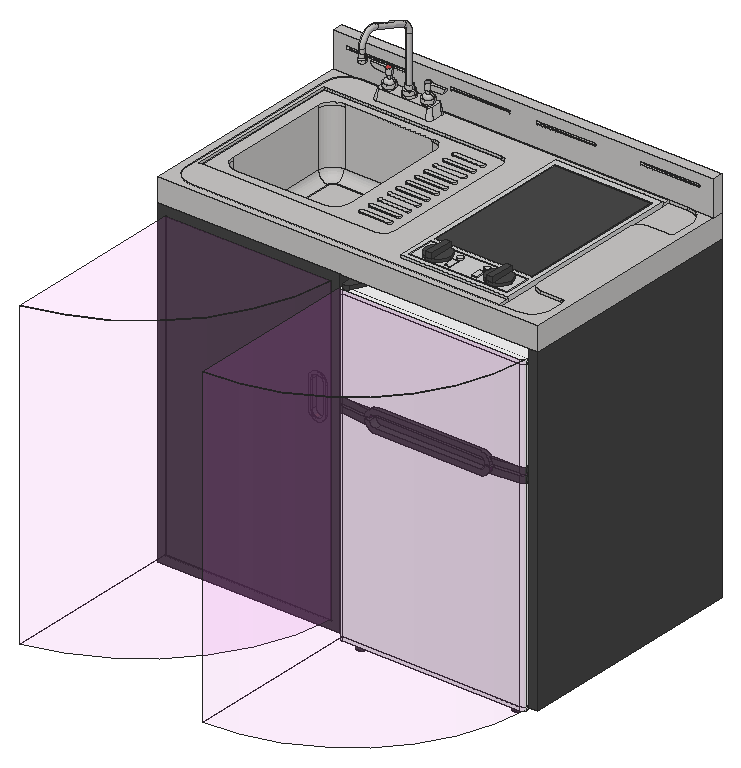
Revit family "QF_Summit_C39ELGLASSBK_Kitchenette", category Specialty Equipment, Revit 2020
Family settings
  Round Connector Dimension = Use Diameter
  Part Type = Normal
  Work Plane-Based = No
  Always vertical = Yes
  Cut with Voids When Loaded = No
  Shared = No
  Room Calculation Point = No
Parameters
  Weight in Pounds = 143
  Watts = Volts * FL Amps  # 1506.5 W
  Volts = 115 V
  URL Cutsheet = ""
  Specification by User = ""
  Specification by Manufacturer = ""
  Show LHD [instance] = yes
  Show Legs [instance] = no
  Show Clearance [instance] = yes
  Serial Number = ""
  Seismic Rating = ""
  SMACNA No = ""
  Revision Code = ""
  Refrigerant Volume = 0.00 kip
  Refrigerant Type = "R600a"
  Phase = 1
  Number of Poles = 1
  NAFEM Spec ID Number = ""
  Model = "C39ELGLASSBK"
  Min Ckt Ampacity = 0 A
  Max Overcurrent Protection = 0 A
  Masterspec = ""
  Manufacturer = "Summit"
  Length = 39"
  Item Number = ""
  Installed By = ""
  Identify Quantity as Lot = yes
  Height = 40"
  HP = ""
  Furnished By = ""
  Foodservice Equipment Identifier = yes
  FL Amps = 13.1 A
  Electrical Remarks = ""
  Electric Connection Type = ""
  Elec Conn RI Height = 0"
  Elec Conn Connection Height = 0"
  Description = "Kichenette"
  Depth = 23 5/8"
  Default Elevation = 0"
  Cycle = 60 Hz
  Conn Plug = ""
  Conn Conduit = yes
  CSI MasterFormat = ""
  BTUH = 0.0 Btu/h
  Apparent Power = if(Phase = 3, Volts * FL Amps * 1.73, Volts * FL Amps)  # 1506.5 VA
Reference planes (in)
  plane 1 "BACK": y = 0
  plane 2: z = 0
  plane 3 "LEFT": x = 0
  plane 4 "RIGHT": x = 39
  plane 5 "FRONT": y = -23.625
  plane 6 "TOP": z = 40
  plane 7 "Center Y": x = 19.5
  plane 8 "Center X": y = -11.8125
  plane 9: z = 36.375
  plane 10: z = 34
  plane 11: z = 1
  plane 12: z = 21
  plane 13: z = 45.875
  plane 14: y = -1
  plane 15: y = -41.875
  plane 16: z = 36.125
  plane 17: y = -42.375
  plane 18: x = 18.75
  plane 19: x = 38.125
  plane 20: x = 24.93965
  plane 21: x = 32.20982
Forms (in)
  Extrusion 1, solid, material "QF_Finishes_Stainless Steel"
    sketch origin (-11.06091, -180, 36.375) x (-1, 0, 0) y (0, -1, 0)
      loop
        line (-11.06091, -180) -> (-11.06091, -156.375) -> (-50.06091, -156.375) -> (-50.06091, -180) -> (-11.06091, -180)
      loop
        line (-11.81091, -177) -> (-11.81091, -159.125)
        arc (-11.81091, -159.125) -> (-12.3967, -157.71079) -> (-13.81091, -157.125) r 2
        line (-13.81091, -157.125) -> (-47.31091, -157.125)
        arc (-47.31091, -157.125) -> (-48.72512, -157.71079) -> (-49.31091, -159.125) r 2
        line (-49.31091, -159.125) -> (-49.31091, -177)
        arc (-49.31091, -177) -> (-48.72512, -178.41421) -> (-47.31091, -179) r 2
        line (-47.31091, -179) -> (-13.81091, -179)
        arc (-13.81091, -179) -> (-12.3967, -178.41421) -> (-11.81091, -177) r 2
    from 0 to -2.375
  Extrusion 2, solid, material "QF_Finishes_Stainless Steel"
    sketch origin (-2.35752, -180, 36.125) x (-1, 0, 0) y (0, -1, 0)
      loop
        line (-3.56275, -176.20889) -> (-3.56275, -160.20889) -> (-21.68775, -160.20889)
        arc (-21.68775, -160.20889) -> (-22.39485, -160.50178) -> (-22.68775, -161.20889) r 1
        line (-22.68775, -161.20889) -> (-22.68775, -175.20889)
        arc (-22.68775, -175.20889) -> (-22.39485, -175.916) -> (-21.68775, -176.20889) r 1
        line (-21.68775, -176.20889) -> (-3.56275, -176.20889)
      loop
        arc (-15.34109, -161.375) -> (-16.40175, -161.81434) -> (-16.84109, -162.875) r 1.5
        line (-16.84109, -162.875) -> (-16.84109, -173.875)
        arc (-16.84109, -173.875) -> (-16.40175, -174.93566) -> (-15.34109, -175.375) r 1.5
        line (-15.34109, -175.375) -> (-6.34109, -175.375)
        arc (-6.34109, -175.375) -> (-5.28043, -174.93566) -> (-4.84109, -173.875) r 1.5
        line (-4.84109, -173.875) -> (-4.84109, -162.875)
        arc (-4.84109, -162.875) -> (-5.28043, -161.81434) -> (-6.34109, -161.375) r 1.5
        line (-6.34109, -161.375) -> (-15.34109, -161.375)
    from 0 to -0.25
  Extrusion 3, solid
    sketch origin (-2.35752, -178, 36.125) x (-1, 0, 0) y (0, -1, 0)
      loop
        line (-21.68775, -174.20889) -> (-3.56275, -174.20889) -> (-3.56275, -158.20889) -> (-21.68775, -158.20889)
        arc (-21.68775, -158.20889) -> (-22.39485, -158.50178) -> (-22.68775, -159.20889) r 1
        line (-22.68775, -159.20889) -> (-22.68775, -173.20889)
        arc (-22.68775, -173.20889) -> (-22.39485, -173.916) -> (-21.68775, -174.20889) r 1
      loop
        line (-3.10752, -175) -> (-3.10752, -157.125)
        arc (-3.10752, -157.125) -> (-3.69331, -155.71079) -> (-5.10752, -155.125) r 2
        line (-5.10752, -155.125) -> (-38.60752, -155.125)
        arc (-38.60752, -155.125) -> (-40.02174, -155.71079) -> (-40.60752, -157.125) r 2
        line (-40.60752, -157.125) -> (-40.60752, -175)
        arc (-40.60752, -175) -> (-40.02174, -176.41421) -> (-38.60752, -177) r 2
        line (-38.60752, -177) -> (-5.10752, -177)
        arc (-5.10752, -177) -> (-3.69331, -176.41421) -> (-3.10752, -175) r 2
    from 0 to -0.25
  Extrusion 4, solid, material "QF_Finishes_Stainless Steel"
    sketch origin (-4.23252, -180, 36.125) x (-1, 0, 0) y (0, -1, 0)
      loop
        arc (-20.27666, -174.67909) -> (-20.06215, -174.46458) -> (-20.27666, -174.25006) r 0.21452
        line (-20.27666, -174.25006) -> (-23.1341, -174.25006)
        arc (-23.1341, -174.25006) -> (-23.34861, -174.46458) -> (-23.1341, -174.67909) r 0.21452
        line (-23.1341, -174.67909) -> (-20.27666, -174.67909)
      loop
        arc (-20.27666, -173.42909) -> (-20.06215, -173.21458) -> (-20.27666, -173.00006) r 0.21452
        line (-20.27666, -173.00006) -> (-23.1341, -173.00006)
        arc (-23.1341, -173.00006) -> (-23.34861, -173.21458) -> (-23.1341, -173.42909) r 0.21452
        line (-23.1341, -173.42909) -> (-20.27666, -173.42909)
      loop
        arc (-20.27666, -172.24159) -> (-20.06215, -172.02708) -> (-20.27666, -171.81256) r 0.21452
        line (-20.27666, -171.81256) -> (-23.1341, -171.81256)
        arc (-23.1341, -171.81256) -> (-23.34861, -172.02708) -> (-23.1341, -172.24159) r 0.21452
        line (-23.1341, -172.24159) -> (-20.27666, -172.24159)
      loop
        arc (-20.27666, -171.05409) -> (-20.06215, -170.83958) -> (-20.27666, -170.62506) r 0.21452
        line (-20.27666, -170.62506) -> (-23.1341, -170.62506)
        arc (-23.1341, -170.62506) -> (-23.34861, -170.83958) -> (-23.1341, -171.05409) r 0.21452
        line (-23.1341, -171.05409) -> (-20.27666, -171.05409)
      loop
        arc (-20.27666, -169.86659) -> (-20.06215, -169.65208) -> (-20.27666, -169.43756) r 0.21452
        line (-20.27666, -169.43756) -> (-23.1341, -169.43756)
        arc (-23.1341, -169.43756) -> (-23.34861, -169.65208) -> (-23.1341, -169.86659) r 0.21452
        line (-23.1341, -169.86659) -> (-20.27666, -169.86659)
      loop
        arc (-20.27666, -168.74159) -> (-20.06215, -168.52708) -> (-20.27666, -168.31256) r 0.21452
        line (-20.27666, -168.31256) -> (-23.1341, -168.31256)
        arc (-23.1341, -168.31256) -> (-23.34861, -168.52708) -> (-23.1341, -168.74159) r 0.21452
        line (-23.1341, -168.74159) -> (-20.27666, -168.74159)
      loop
        arc (-20.27666, -167.49159) -> (-20.06215, -167.27708) -> (-20.27666, -167.06256) r 0.21452
        line (-20.27666, -167.06256) -> (-23.1341, -167.06256)
        arc (-23.1341, -167.06256) -> (-23.34861, -167.27708) -> (-23.1341, -167.49159) r 0.21452
        line (-23.1341, -167.49159) -> (-20.27666, -167.49159)
      loop
        arc (-20.27666, -166.36659) -> (-20.06215, -166.15208) -> (-20.27666, -165.93756) r 0.21452
        line (-20.27666, -165.93756) -> (-23.1341, -165.93756)
        arc (-23.1341, -165.93756) -> (-23.34861, -166.15208) -> (-23.1341, -166.36659) r 0.21452
        line (-23.1341, -166.36659) -> (-20.27666, -166.36659)
      loop
        arc (-20.27666, -165.11659) -> (-20.06215, -164.90208) -> (-20.27666, -164.68756) r 0.21452
        line (-20.27666, -164.68756) -> (-23.1341, -164.68756)
        arc (-23.1341, -164.68756) -> (-23.34861, -164.90208) -> (-23.1341, -165.11659) r 0.21452
        line (-23.1341, -165.11659) -> (-20.27666, -165.11659)
      loop
        arc (-20.27666, -163.92909) -> (-20.06215, -163.71458) -> (-20.27666, -163.50006) r 0.21452
        line (-20.27666, -163.50006) -> (-23.1341, -163.50006)
        arc (-23.1341, -163.50006) -> (-23.34861, -163.71458) -> (-23.1341, -163.92909) r 0.21452
        line (-23.1341, -163.92909) -> (-20.27666, -163.92909)
      loop
        arc (-20.27666, -162.74159) -> (-20.06215, -162.52708) -> (-20.27666, -162.31256) r 0.21452
        line (-20.27666, -162.31256) -> (-23.1341, -162.31256)
        arc (-23.1341, -162.31256) -> (-23.34861, -162.52708) -> (-23.1341, -162.74159) r 0.21452
        line (-23.1341, -162.74159) -> (-20.27666, -162.74159)
    from 0 to 0.0625
  Extrusion 5, solid, material "QF_Metal - Stainless - Polished"
    sketch origin (3.64248, -180, 36.125) x (-1, 0, 0) y (0, -1, 0)
      loop
        line (-19.76922, -178.13842) -> (-19.76922, -158.27212) -> (-30.76922, -158.27212) -> (-30.76922, -178.13842) -> (-19.76922, -178.13842)
      loop
        line (-20.26922, -177.38842) -> (-20.26922, -162.02212) -> (-30.26922, -162.02212) -> (-30.26922, -177.38842) -> (-20.26922, -177.38842)
      loop
        line (-20.26922, -158.77212) -> (-30.26922, -158.77212) -> (-30.26922, -161.52212) -> (-20.26922, -161.52212) -> (-20.26922, -158.77212)
    from 0 to 0.5
  Extrusion 6, solid, material "QF_Metal - Stainless - Polished"
    sketch origin (3.64248, -180, 36.625) x (-1, 0, 0) y (0, -1, 0)
      loop
        line (-20.26922, -158.77212) -> (-30.26922, -158.77212) -> (-30.26922, -161.52212) -> (-20.26922, -161.52212) -> (-20.26922, -158.77212)
    from -0.25 to 0
  Extrusion 7, solid, material "QF_Plastic_Black_Smooth"
    sketch origin (3.64248, -180, 36.625) x (-1, 0, 0) y (0, -1, 0)
      loop
        circle (-22.13141, -160.14712) r 1.25
      loop
        circle (-28.40702, -160.14712) r 1.25
    from 0 to 0.25
  Extrusion 8, solid, material "QF_Plastic_Black_Smooth"
    sketch origin (3.64248, -180, 36.875) x (-1, 0, 0) y (0, -1, 0)
      loop
        line (-21.85016, -161.36507) -> (-21.85016, -158.92917)
        arc (-21.85016, -158.92917) -> (-22.13141, -158.89712) -> (-22.41266, -158.92917) r 1.25
        line (-22.41266, -158.92917) -> (-22.41266, -161.36507)
        arc (-22.41266, -161.36507) -> (-22.13141, -161.39712) -> (-21.85016, -161.36507) r 1.25
      loop
        line (-28.12577, -161.36507) -> (-28.12577, -158.92917)
        arc (-28.12577, -158.92917) -> (-28.40702, -158.89712) -> (-28.68827, -158.92917) r 1.25
        line (-28.68827, -158.92917) -> (-28.68827, -161.36507)
        arc (-28.68827, -161.36507) -> (-28.40702, -161.39712) -> (-28.12577, -161.36507) r 1.25
    from 0 to 0.5
  Extrusion 9, solid, material "QF_Metal - Stainless - Polished"
    sketch origin (4.39248, -180, 36.625) x (-1, 0, 0) y (0, -1, 0)
      loop
        line (-22.85535, -160.19685) -> (-22.85535, -159.12569) -> (-23.41848, -159.12569) -> (-23.41848, -160.19685) -> (-22.85535, -160.19685)
      loop
        circle (-23.13691, -160.79606) r 0.28156
      loop
        line (-26.18308, -160.19685) -> (-25.61996, -160.19685) -> (-25.61996, -159.12569) -> (-26.18308, -159.12569) -> (-26.18308, -160.19685)
      loop
        circle (-25.90152, -160.79606) r 0.28156
    from 0 to 0.0625
  Extrusion 10, solid, material "QF_Plastic_Black_Smooth"
    sketch origin (3.64248, -178, 36.125) x (-1, 0, 0) y (0, -1, 0)
      loop
        line (-20.26922, -175.38842) -> (-20.26922, -160.02212) -> (-30.26922, -160.02212) -> (-30.26922, -175.38842) -> (-20.26922, -175.38842)
    from 0 to 0.5
  Extrusion 11, solid, material "QF_Finishes_Stainless Steel"
    sketch origin (-11.06091, -180, 36.375) x (-1, 0, 0) y (0, -1, 0)
      loop
        line (-11.06091, -180) -> (-11.06091, -179) -> (-50.06091, -179) -> (-50.06091, -180) -> (-11.06091, -180)
    from 0 to 3.625
  Sweep 12, solid, material "QF_Finishes_Stainless Steel"
    path origin (0, 0, 0) x (1, 0, 0) y (0, 1, 0)
      loop
        arc (2.48357, -17.125) -> (2.92291, -18.18566) -> (3.98357, -18.625) r 1.5
        line (3.98357, -18.625) -> (12.98357, -18.625)
        arc (12.98357, -18.625) -> (14.04423, -18.18566) -> (14.48357, -17.125) r 1.5
        line (14.48357, -17.125) -> (14.48357, -6.125)
        arc (14.48357, -6.125) -> (14.04423, -5.06434) -> (12.98357, -4.625) r 1.5
        line (12.98357, -4.625) -> (3.98357, -4.625)
        arc (3.98357, -4.625) -> (2.92291, -5.06434) -> (2.48357, -6.125) r 1.5
        line (2.48357, -6.125) -> (2.48357, -17.125)
    profile origin (2.48357, -11.625, 0) x (-1, 0, 0) y (0, 0, 1)
      loop
        line (0, 35.875) -> (0, 30.1875)
        arc (0, 30.1875) -> (-0.29289, 29.48039) -> (-1, 29.1875) r 1
        line (-1, 29.1875) -> (-1, 29.125)
        arc (-1, 29.125) -> (-0.2487, 29.4362) -> (0.0625, 30.1875) r 1.0625
        line (0.0625, 30.1875) -> (0.0625, 35.875) -> (0, 35.875)
  Extrusion 13, void
    sketch origin (39, -1, 36.375) x (-1, 0, 0) y (0, 0, -1)
      loop
        line (12.15943, -2.58077) -> (18.02659, -2.58077)
        arc (18.02659, -2.58077) -> (18.19846, -2.4089) -> (18.02659, -2.23702) r 0.17188
        line (18.02659, -2.23702) -> (12.15943, -2.23702)
        arc (12.15943, -2.23702) -> (11.98755, -2.4089) -> (12.15943, -2.58077) r 0.17188
      loop
        arc (7.34057, -2.58077) -> (7.51245, -2.4089) -> (7.34057, -2.23702) r 0.17188
        line (7.34057, -2.23702) -> (1.47341, -2.23702)
        arc (1.47341, -2.23702) -> (1.30154, -2.4089) -> (1.47341, -2.58077) r 0.17188
        line (1.47341, -2.58077) -> (7.34057, -2.58077)
      loop
        arc (26.84057, -2.58077) -> (27.01245, -2.4089) -> (26.84057, -2.23702) r 0.17188
        line (26.84057, -2.23702) -> (20.97341, -2.23702)
        arc (20.97341, -2.23702) -> (20.80154, -2.4089) -> (20.97341, -2.58077) r 0.17188
        line (20.97341, -2.58077) -> (26.84057, -2.58077)
      loop
        line (31.65943, -2.58077) -> (37.52659, -2.58077)
        arc (37.52659, -2.58077) -> (37.69846, -2.4089) -> (37.52659, -2.23702) r 0.17188
        line (37.52659, -2.23702) -> (31.65943, -2.23702)
        arc (31.65943, -2.23702) -> (31.48755, -2.4089) -> (31.65943, -2.58077) r 0.17188
    from 0.25 to -0.25
  Extrusion 14, solid, material "QF_Metallic_Paint_Black_Glossy"
    sketch origin (-11.06091, -180, 1) x (-1, 0, 0) y (0, -1, 0)
      loop
        line (-11.06091, -180) -> (-11.06091, -156.375) -> (-11.93591, -156.375) -> (-11.93591, -179.125) -> (-49.18591, -179.125) -> (-49.18591, -156.375) -> (-50.06091, -156.375) -> (-50.06091, -180) -> (-11.06091, -180)
    from 0 to 33
  Extrusion 15, solid, material "QF_Metallic_Paint_Black_Glossy"
    sketch origin (0.875, -23.625, 1) x (-1, 0, 0) y (0, 0, -1)
      loop
        line (0, -33) -> (0, -32.125) -> (-17, -32.125) -> (-17, 0) -> (-17.875, 0) -> (-17.875, -33) -> (0, -33)
    from 0 to -1
  Extrusion 16, solid, material "QF_Metallic_Paint_Black_Glossy"
    sketch origin (0.875, -0.875, 1) x (1, 0, 0) y (0, 0, 1)
      loop
        line (0, 0) -> (17.875, 0) -> (17.875, 0.875) -> (0, 0.875) -> (0, 0)
    from 0 to 22.75
  Extrusion 17, solid, material "QF_Metallic_Paint_Black_Glossy"
    sketch origin (0.875, -23.625, 1) x (-1, 0, 0) y (0, 0, -1)
      loop
        line (-0.0625, -0.9375) -> (-16.9375, -0.9375) -> (-16.9375, -32.0625) -> (-0.0625, -32.0625) -> (-0.0625, -0.9375)
    from 0 to -1
  Extrusion 18, void
    sketch origin (9.9375, -23.625, 1) x (-1, 0, 0) y (0, 0, -1)
      loop
        arc (-5.85467, -19.63139) -> (-6.51553, -18.97053) -> (-7.17639, -19.63139) r 0.66086
        line (-7.17639, -19.63139) -> (-7.17639, -22.3786)
        arc (-7.17639, -22.3786) -> (-6.51553, -23.03946) -> (-5.85467, -22.3786) r 0.66086
        line (-5.85467, -22.3786) -> (-5.85467, -19.63139)
    from 0.5 to -0.5009
  Extrusion 19, solid, material "QF_Metallic_Paint_Black_Glossy"
    sketch origin (9.9375, -23.625, 1) x (-1, 0, 0) y (0, 0, -1)
      loop
        arc (-7.17639, -22.3786) -> (-6.51553, -23.03946) -> (-5.85467, -22.3786) r 0.66086
        line (-5.85467, -22.3786) -> (-5.85467, -19.63139)
        arc (-5.85467, -19.63139) -> (-6.51553, -18.97053) -> (-7.17639, -19.63139) r 0.66086
        line (-7.17639, -19.63139) -> (-7.17639, -22.3786)
      loop
        arc (-7.42639, -22.3786) -> (-6.51553, -23.28946) -> (-5.60467, -22.3786) r 0.91086
        line (-5.60467, -22.3786) -> (-5.60467, -19.63139)
        arc (-5.60467, -19.63139) -> (-6.51553, -18.72053) -> (-7.42639, -19.63139) r 0.91086
        line (-7.42639, -19.63139) -> (-7.42639, -22.3786)
    from 0 to 0.0625
  Extrusion 20, solid
    sketch origin (24.20885, -1.86158, 36.125) x (1, 0, 0) y (0, 0, -1)
      loop
        circle (8.00097, -0.23911) r 0.125
    from 0 to 0.25
  Extrusion 21, solid
    sketch origin (-7.54108, 0, 36.375) x (1, 0, 0) y (0, 0, -1)
      loop
        circle (32.48073, 33.21044) r 0.125
    from 0 to 0.25
  Extrusion 22, solid, material "QF_Clearances_Door_Drawer", visible <- "Show Clearance"
    sketch origin (8.8125, -23.625, 1.9375) x (0, 1, 0) y (1, 0, 0)
      loop
        line (0, -7.9375) -> (0, 9.0625)
        arc (0, 9.0625) -> (-12.31417, 3.80423) -> (-18.75, -7.9375) r 20.48639
        line (-18.75, -7.9375) -> (0, -7.9375)
    from 0 to -31.125
  Extrusion 23, solid, material "QF_Finishes_Stainless Steel"
    sketch origin (-2.35752, -178, 36.125) x (-1, 0, 0) y (0, -1, 0)
      loop
        arc (-5.10752, -177) -> (-3.69331, -176.41421) -> (-3.10752, -175) r 2
        line (-3.10752, -175) -> (-3.10752, -157.125)
        arc (-3.10752, -157.125) -> (-3.69331, -155.71079) -> (-5.10752, -155.125) r 2
        line (-5.10752, -155.125) -> (-36.76922, -155.125) -> (-36.76922, -156.27212) -> (-25.76922, -156.27212) -> (-25.76922, -176.13842) -> (-36.76922, -176.13842) -> (-36.76922, -177) -> (-5.10752, -177)
      loop
        line (-3.56275, -174.20889) -> (-3.56275, -158.20889) -> (-21.68775, -158.20889)
        arc (-21.68775, -158.20889) -> (-22.39485, -158.50178) -> (-22.68775, -159.20889) r 1
        line (-22.68775, -159.20889) -> (-22.68775, -173.20889)
        arc (-22.68775, -173.20889) -> (-22.39485, -173.916) -> (-21.68775, -174.20889) r 1
        line (-21.68775, -174.20889) -> (-3.56275, -174.20889)
    from 0 to 0.25
  Extrusion 24, solid, material "QF_Finishes_Stainless Steel"
    sketch origin (-10.31091, -180, 29.9375) x (0, -1, 0) y (-1, 0, 0)
      loop
        arc (-174.375, -23.29448) -> (-174.22855, -23.64804) -> (-173.875, -23.79448) r 0.5
        line (-173.875, -23.79448) -> (-162.875, -23.79448)
        arc (-162.875, -23.79448) -> (-162.52145, -23.64804) -> (-162.375, -23.29448) r 0.5
        line (-162.375, -23.29448) -> (-162.375, -14.29448)
        arc (-162.375, -14.29448) -> (-162.52145, -13.94093) -> (-162.875, -13.79448) r 0.5
        line (-162.875, -13.79448) -> (-173.875, -13.79448)
        arc (-173.875, -13.79448) -> (-174.22855, -13.94093) -> (-174.375, -14.29448) r 0.5
        line (-174.375, -14.29448) -> (-174.375, -23.29448)
      loop
        circle (-168.5, -18.79448) r 1
    from 0.8125 to 0.75
  Extrusion 25, solid, material "QF_Metal - Stainless - Polished", not visible
    sketch origin (-2.35752, -180, 36.125) x (-1, 0, 0) y (0, -1, 0)
      loop
        line (-19.76922, -178.13842) -> (-19.76922, -158.27212) -> (-30.76922, -158.27212) -> (-30.76922, -178.13842) -> (-19.76922, -178.13842)
      loop
        line (-20.26922, -177.38842) -> (-20.26922, -162.02212) -> (-30.26922, -162.02212) -> (-30.26922, -177.38842) -> (-20.26922, -177.38842)
      loop
        line (-20.26922, -158.77212) -> (-30.26922, -158.77212) -> (-30.26922, -161.52212) -> (-20.26922, -161.52212) -> (-20.26922, -158.77212)
    from 0 to 0.5
  Extrusion 26, solid, material "QF_Metal - Stainless - Polished", not visible
    sketch origin (-2.35752, -180, 36.625) x (-1, 0, 0) y (0, -1, 0)
      loop
        line (-20.26922, -158.77212) -> (-30.26922, -158.77212) -> (-30.26922, -161.52212) -> (-20.26922, -161.52212) -> (-20.26922, -158.77212)
    from -0.25 to 0
  Extrusion 27, solid, material "QF_Plastic_Black_Smooth", not visible
    sketch origin (-2.35752, -180, 36.625) x (-1, 0, 0) y (0, -1, 0)
      loop
        circle (-22.13141, -160.14712) r 1.25
      loop
        circle (-28.40702, -160.14712) r 1.25
    from 0 to 0.25
  Extrusion 28, solid, material "QF_Plastic_Black_Smooth", not visible
    sketch origin (-2.35752, -180, 36.875) x (-1, 0, 0) y (0, -1, 0)
      loop
        line (-21.85016, -161.36507) -> (-21.85016, -158.92917)
        arc (-21.85016, -158.92917) -> (-22.13141, -158.89712) -> (-22.41266, -158.92917) r 1.25
        line (-22.41266, -158.92917) -> (-22.41266, -161.36507)
        arc (-22.41266, -161.36507) -> (-22.13141, -161.39712) -> (-21.85016, -161.36507) r 1.25
      loop
        line (-28.12577, -161.36507) -> (-28.12577, -158.92917)
        arc (-28.12577, -158.92917) -> (-28.40702, -158.89712) -> (-28.68827, -158.92917) r 1.25
        line (-28.68827, -158.92917) -> (-28.68827, -161.36507)
        arc (-28.68827, -161.36507) -> (-28.40702, -161.39712) -> (-28.12577, -161.36507) r 1.25
    from 0 to 0.5
  Extrusion 29, solid, material "QF_Metal - Stainless - Polished", not visible
    sketch origin (-1.60752, -180, 36.625) x (-1, 0, 0) y (0, -1, 0)
      loop
        line (-22.85535, -160.19685) -> (-22.85535, -159.12569) -> (-23.41848, -159.12569) -> (-23.41848, -160.19685) -> (-22.85535, -160.19685)
      loop
        circle (-23.13691, -160.79606) r 0.28156
      loop
        line (-26.18308, -160.19685) -> (-25.61996, -160.19685) -> (-25.61996, -159.12569) -> (-26.18308, -159.12569) -> (-26.18308, -160.19685)
      loop
        circle (-25.90152, -160.79606) r 0.28156
    from 0 to 0.0625
  Extrusion 30, solid, material "QF_Plastic_Black_Smooth", not visible
    sketch origin (-2.35752, -178, 36.125) x (-1, 0, 0) y (0, -1, 0)
      loop
        line (-20.26922, -175.38842) -> (-20.26922, -160.02212) -> (-30.26922, -160.02212) -> (-30.26922, -175.38842) -> (-20.26922, -175.38842)
    from 0 to 0.5
  Extrusion 31, solid, material "QF_Finishes_Stainless Steel"
    sketch origin (0.64248, -178, 36.125) x (-1, 0, 0) y (0, -1, 0)
      loop
        arc (-34.01922, -159.97158) -> (-34.31211, -159.26447) -> (-35.01922, -158.97158) r 1
        line (-35.01922, -158.97158) -> (-37.10752, -158.97158)
        arc (-37.10752, -158.97158) -> (-37.46108, -158.82513) -> (-37.60752, -158.47158) r 0.5
        line (-37.60752, -158.47158) -> (-37.60752, -173.09653)
        arc (-37.60752, -173.09653) -> (-37.46108, -172.74298) -> (-37.10752, -172.59653) r 0.5
        line (-37.10752, -172.59653) -> (-35.01922, -172.59653)
        arc (-35.01922, -172.59653) -> (-34.31211, -172.30364) -> (-34.01922, -171.59653) r 1
        line (-34.01922, -171.59653) -> (-34.01922, -159.97158)
    from 0 to 0.25
  Extrusion 32, solid, material "QF_Finishes_Stainless Steel"
    sketch origin (-0.60752, -180, 36.125) x (-1, 0, 0) y (0, -1, 0)
      loop
        line (-35.01922, -157.125) -> (-36.85752, -157.125)
        arc (-36.85752, -157.125) -> (-38.27174, -157.71079) -> (-38.85752, -159.125) r 2
        line (-38.85752, -159.125) -> (-38.85752, -160.47158)
        arc (-38.85752, -160.47158) -> (-38.71108, -160.82513) -> (-38.35752, -160.97158) r 0.5
        line (-38.35752, -160.97158) -> (-36.26922, -160.97158)
        arc (-36.26922, -160.97158) -> (-35.56211, -161.26447) -> (-35.26922, -161.97158) r 1
        line (-35.26922, -161.97158) -> (-35.26922, -173.59653)
        arc (-35.26922, -173.59653) -> (-35.56211, -174.30364) -> (-36.26922, -174.59653) r 1
        line (-36.26922, -174.59653) -> (-38.35752, -174.59653)
        arc (-38.35752, -174.59653) -> (-38.71108, -174.74298) -> (-38.85752, -175.09653) r 0.5
        line (-38.85752, -175.09653) -> (-38.85752, -177)
        arc (-38.85752, -177) -> (-38.27174, -178.41421) -> (-36.85752, -179) r 2
        line (-36.85752, -179) -> (-35.01922, -179) -> (-35.01922, -157.125)
    from 0 to -0.25
  Revolve 33, solid, material "QF_Metal_Stainless_Polished", visible <- "Show Legs"
    sketch origin (68.125, -2, 0) x (-1, 0, 0) y (0, 0, -1)
      loop
        line (29.72745, -1) -> (29.91022, -1) -> (29.91022, -0.75) -> (30.32989, -0.75) -> (30.32989, -0.66742) -> (30.15869, 0) -> (29.72745, 0) -> (29.72745, -1)
      axis (29.72745, -1) -> (29.72745, 0)
    angle from 0 to 360
  Revolve 34, solid, material "QF_Metal_Stainless_Polished", visible <- "Show Legs"
    sketch origin (67.96005, -21.625, 0) x (-1, 0, 0) y (0, 0, -1)
      loop
        line (29.5625, -1) -> (29.74527, -1) -> (29.74527, -0.75) -> (30.16495, -0.75) -> (30.16495, -0.66742) -> (29.99374, 0) -> (29.5625, 0) -> (29.5625, -1)
      axis (29.5625, -1) -> (29.5625, 0)
    angle from 0 to 360
  Revolve 35, solid, material "QF_Metal_Stainless_Polished", visible <- "Show Legs"
    sketch origin (47.875, -2, 0) x (-1, 0, 0) y (0, 0, -1)
      loop
        line (29.72745, -1) -> (29.91022, -1) -> (29.91022, -0.75) -> (30.32989, -0.75) -> (30.32989, -0.66742) -> (30.15869, 0) -> (29.72745, 0) -> (29.72745, -1)
      axis (29.72745, -1) -> (29.72745, 0)
    angle from 0 to 360
  Revolve 36, solid, material "QF_Metal_Stainless_Polished", visible <- "Show Legs"
    sketch origin (47.71005, -21.625, 0) x (-1, 0, 0) y (0, 0, -1)
      loop
        line (29.5625, -1) -> (29.74527, -1) -> (29.74527, -0.75) -> (30.16495, -0.75) -> (30.16495, -0.66742) -> (29.99374, 0) -> (29.5625, 0) -> (29.5625, -1)
      axis (29.5625, -1) -> (29.5625, 0)
    angle from 0 to 360
  Revolve 37, solid, material "QF_Metal_Stainless_Polished", visible <- "Show Legs"
    sketch origin (-29.125, -2, 0) x (1, 0, 0) y (0, 0, 1)
      loop
        line (29.72745, 1) -> (29.72745, 0) -> (30.15869, 0) -> (30.32989, 0.66742) -> (30.32989, 0.75) -> (29.91022, 0.75) -> (29.91022, 1) -> (29.72745, 1)
      axis (29.72745, 1) -> (29.72745, 0)
    angle from 0 to 360
  Revolve 38, solid, material "QF_Metal_Stainless_Polished", visible <- "Show Legs"
    sketch origin (-28.96005, -21.625, 0) x (1, 0, 0) y (0, 0, 1)
      loop
        line (29.5625, 1) -> (29.5625, 0) -> (29.99374, 0) -> (30.16495, 0.66742) -> (30.16495, 0.75) -> (29.74527, 0.75) -> (29.74527, 1) -> (29.5625, 1)
      axis (29.5625, 1) -> (29.5625, 0)
    angle from 0 to 360
Cuts and joins
  joined: Extrusion 2, Sweep 12
  Extrusion 13 cuts Extrusion 11
  joined: Extrusion 14, Extrusion 15, Extrusion 16
  Extrusion 18 cuts Extrusion 17
  joined: Extrusion 1, Extrusion 31
Lines and regions (in)
  symbolic lines
    curve 1: line (39, 0, 0) -> (0, 0, 0)
    curve 2: line (0, -1, 0) -> (39, -1, 0)
    curve 3: line (0, -23.625, 0) -> (39, -23.625, 0)
    curve 4: line (39, -23.625, 0) -> (39, 0, 0)
    curve 5: line (0, 0, 0) -> (0, -23.625, 0)
    curve 6: arc (0.75, -3, 0) -> (1.33579, -1.58579, 0) -> (2.75, -1, 0) r 2
    curve 7: line (0.75, -20.875, 0) -> (0.75, -3, 0)
    curve 8: arc (2.75, -22.875, 0) -> (1.33579, -22.28921, 0) -> (0.75, -20.875, 0) r 2
    curve 9: line (36.25, -22.875, 0) -> (2.75, -22.875, 0)
    curve 10: arc (38.25, -20.875, 0) -> (37.66421, -22.28921, 0) -> (36.25, -22.875, 0) r 2
    curve 11: line (38.25, -3, 0) -> (38.25, -4.90347, 0)
    curve 12: arc (37.75, -19.02842, 0) -> (38.10355, -19.17487, 0) -> (38.25, -19.52842, 0) r 0.5
    curve 13: line (35.66169, -19.02842, 0) -> (37.75, -19.02842, 0)
    curve 14: arc (34.66169, -18.02842, 0) -> (34.95459, -18.73553, 0) -> (35.66169, -19.02842, 0) r 1
    curve 15: line (34.66169, -6.40347, 0) -> (34.66169, -18.02842, 0)
    curve 16: line (38.25, -19.52842, 0) -> (38.25, -20.875, 0)
    curve 17: arc (35.66169, -5.40347, 0) -> (34.95459, -5.69636, 0) -> (34.66169, -6.40347, 0) r 1
    curve 18: line (37.75, -5.40347, 0) -> (35.66169, -5.40347, 0)
    curve 19: arc (38.25, -4.90347, 0) -> (38.10355, -5.25702, 0) -> (37.75, -5.40347, 0) r 0.5
    curve 20: arc (36.25, -1, 0) -> (37.66421, -1.58579, 0) -> (38.25, -3, 0) r 2
    curve 21: line (34.41169, -22.875, 0) -> (34.41169, -1, 0)
    curve 22: line (34.41169, -1.86158, 0) -> (23.41169, -1.86158, 0)
    curve 23: line (23.41169, -1.86158, 0) -> (23.41169, -21.72788, 0)
    curve 24: line (23.41169, -21.72788, 0) -> (34.41169, -21.72788, 0)
    curve 25: line (23.91169, -21.22788, 0) -> (33.91169, -21.22788, 0)
    curve 26: line (33.91169, -21.22788, 0) -> (33.91169, -18.47788, 0)
    curve 27: line (33.91169, -18.47788, 0) -> (23.91169, -18.47788, 0)
    curve 28: line (23.91169, -18.47788, 0) -> (23.91169, -21.22788, 0)
    curve 29: line (23.91169, -17.97788, 0) -> (33.91169, -17.97788, 0)
    curve 30: line (33.91169, -17.97788, 0) -> (33.91169, -2.61158, 0)
    curve 31: line (33.91169, -2.61158, 0) -> (23.91169, -2.61158, 0)
    curve 32: line (23.91169, -2.61158, 0) -> (23.91169, -17.97788, 0)
    curve 33: arc (27.02389, -19.85288, 0) -> (25.77389, -18.60288, 0) -> (24.52389, -19.85288, 0) r 1.25
    curve 34: arc (24.52389, -19.85288, 0) -> (25.77389, -21.10288, 0) -> (27.02389, -19.85288, 0) r 1.25
    curve 35: line (25.49264, -18.63493, 0) -> (25.49264, -21.07083, 0)
    curve 36: line (26.05514, -21.07083, 0) -> (26.05514, -18.63493, 0)
    curve 37: arc (27.24783, -19.20394, 0) -> (27.52939, -19.4855, 0) -> (27.81096, -19.20394, 0) r 0.28156
    curve 38: arc (27.81096, -19.20394, 0) -> (27.52939, -18.92238, 0) -> (27.24783, -19.20394, 0) r 0.28156
    curve 39: line (27.81096, -20.87431, 0) -> (27.81096, -19.80315, 0)
    curve 40: line (27.81096, -19.80315, 0) -> (27.24783, -19.80315, 0)
    curve 41: line (27.24783, -19.80315, 0) -> (27.24783, -20.87431, 0)
    curve 42: line (27.24783, -20.87431, 0) -> (27.81096, -20.87431, 0)
    curve 43: line (30.01243, -19.80315, 0) -> (30.01243, -20.87431, 0)
    curve 44: line (30.01243, -20.87431, 0) -> (30.57556, -20.87431, 0)
    curve 45: line (30.57556, -20.87431, 0) -> (30.57556, -19.80315, 0)
    curve 46: line (30.57556, -19.80315, 0) -> (30.01243, -19.80315, 0)
    curve 47: arc (30.01243, -19.20394, 0) -> (30.294, -19.4855, 0) -> (30.57556, -19.20394, 0) r 0.28156
    curve 48: arc (30.57556, -19.20394, 0) -> (30.294, -18.92238, 0) -> (30.01243, -19.20394, 0) r 0.28156
    curve 49: arc (33.2995, -19.85288, 0) -> (32.0495, -18.60288, 0) -> (30.7995, -19.85288, 0) r 1.25
    curve 50: line (31.76825, -18.63493, 0) -> (31.76825, -21.07083, 0)
    curve 51: line (32.33075, -21.07083, 0) -> (32.33075, -18.63493, 0)
    curve 52: arc (30.7995, -19.85288, 0) -> (32.0495, -21.10288, 0) -> (33.2995, -19.85288, 0) r 1.25
    curve 53: line (1.20523, -3.79111, 0) -> (8.15694, -3.79111, 0)
    curve 54: line (1.20523, -19.79111, 0) -> (1.20523, -3.79111, 0)
    curve 55: line (19.33023, -19.79111, 0) -> (1.20523, -19.79111, 0)
    curve 56: arc (19.33023, -3.79111, 0) -> (20.03733, -4.084, 0) -> (20.33023, -4.79111, 0) r 1
    curve 57: line (20.33023, -4.79111, 0) -> (20.33023, -18.79111, 0)
    curve 58: arc (20.33023, -18.79111, 0) -> (20.03733, -19.49822, 0) -> (19.33023, -19.79111, 0) r 1
    curve 59: line (16.04414, -17.68744, 0) -> (18.90158, -17.68744, 0)
    curve 60: arc (18.90158, -17.68744, 0) -> (19.11609, -17.47292, 0) -> (18.90158, -17.25841, 0) r 0.21452
    curve 61: line (18.90158, -17.25841, 0) -> (16.04414, -17.25841, 0)
    curve 62: arc (16.04414, -17.25841, 0) -> (15.82963, -17.47292, 0) -> (16.04414, -17.68744, 0) r 0.21452
    curve 63: line (16.04414, -16.49994, 0) -> (18.90158, -16.49994, 0)
    curve 64: arc (18.90158, -16.49994, 0) -> (19.11609, -16.28542, 0) -> (18.90158, -16.07091, 0) r 0.21452
    curve 65: line (18.90158, -16.07091, 0) -> (16.04414, -16.07091, 0)
    curve 66: arc (16.04414, -16.07091, 0) -> (15.82963, -16.28542, 0) -> (16.04414, -16.49994, 0) r 0.21452
    curve 67: line (16.04414, -15.31244, 0) -> (18.90158, -15.31244, 0)
    curve 68: arc (18.90158, -15.31244, 0) -> (19.11609, -15.09792, 0) -> (18.90158, -14.88341, 0) r 0.21452
    curve 69: line (18.90158, -14.88341, 0) -> (16.04414, -14.88341, 0)
    curve 70: arc (16.04414, -14.88341, 0) -> (15.82963, -15.09792, 0) -> (16.04414, -15.31244, 0) r 0.21452
    curve 71: line (16.04414, -14.06244, 0) -> (18.90158, -14.06244, 0)
    curve 72: arc (18.90158, -14.06244, 0) -> (19.11609, -13.84792, 0) -> (18.90158, -13.63341, 0) r 0.21452
    curve 73: line (18.90158, -13.63341, 0) -> (16.04414, -13.63341, 0)
    curve 74: arc (16.04414, -13.63341, 0) -> (15.82963, -13.84792, 0) -> (16.04414, -14.06244, 0) r 0.21452
    curve 75: line (16.04414, -12.93744, 0) -> (18.90158, -12.93744, 0)
    curve 76: arc (18.90158, -12.93744, 0) -> (19.11609, -12.72292, 0) -> (18.90158, -12.50841, 0) r 0.21452
    curve 77: line (18.90158, -12.50841, 0) -> (16.04414, -12.50841, 0)
    curve 78: arc (16.04414, -12.50841, 0) -> (15.82963, -12.72292, 0) -> (16.04414, -12.93744, 0) r 0.21452
    curve 79: line (16.04414, -11.68744, 0) -> (18.90158, -11.68744, 0)
    curve 80: arc (18.90158, -11.68744, 0) -> (19.11609, -11.47292, 0) -> (18.90158, -11.25841, 0) r 0.21452
    curve 81: line (18.90158, -11.25841, 0) -> (16.04414, -11.25841, 0)
    curve 82: arc (16.04414, -11.25841, 0) -> (15.82963, -11.47292, 0) -> (16.04414, -11.68744, 0) r 0.21452
    curve 83: line (16.04414, -10.56244, 0) -> (18.90158, -10.56244, 0)
    curve 84: arc (18.90158, -10.56244, 0) -> (19.11609, -10.34792, 0) -> (18.90158, -10.13341, 0) r 0.21452
    curve 85: line (18.90158, -10.13341, 0) -> (16.04414, -10.13341, 0)
    curve 86: arc (16.04414, -10.13341, 0) -> (15.82963, -10.34792, 0) -> (16.04414, -10.56244, 0) r 0.21452
    curve 87: line (16.04414, -9.37494, 0) -> (18.90158, -9.37494, 0)
    curve 88: arc (18.90158, -9.37494, 0) -> (19.11609, -9.16042, 0) -> (18.90158, -8.94591, 0) r 0.21452
    curve 89: line (18.90158, -8.94591, 0) -> (16.04414, -8.94591, 0)
    curve 90: arc (16.04414, -8.94591, 0) -> (15.82963, -9.16042, 0) -> (16.04414, -9.37494, 0) r 0.21452
    curve 91: line (16.04414, -8.18744, 0) -> (18.90158, -8.18744, 0)
    curve 92: arc (18.90158, -8.18744, 0) -> (19.11609, -7.97292, 0) -> (18.90158, -7.75841, 0) r 0.21452
    curve 93: line (18.90158, -7.75841, 0) -> (16.04414, -7.75841, 0)
    curve 94: arc (16.04414, -7.75841, 0) -> (15.82963, -7.97292, 0) -> (16.04414, -8.18744, 0) r 0.21452
    curve 95: line (16.04414, -6.99994, 0) -> (18.90158, -6.99994, 0)
    curve 96: arc (18.90158, -6.99994, 0) -> (19.11609, -6.78542, 0) -> (18.90158, -6.57091, 0) r 0.21452
    curve 97: line (18.90158, -6.57091, 0) -> (16.04414, -6.57091, 0)
    curve 98: arc (16.04414, -6.57091, 0) -> (15.82963, -6.78542, 0) -> (16.04414, -6.99994, 0) r 0.21452
    curve 99: line (16.04414, -5.74994, 0) -> (18.90158, -5.74994, 0)
    curve 100: arc (18.90158, -5.74994, 0) -> (19.11609, -5.53542, 0) -> (18.90158, -5.32091, 0) r 0.21452
    curve 101: line (18.90158, -5.32091, 0) -> (16.04414, -5.32091, 0)
    curve 102: arc (16.04414, -5.32091, 0) -> (15.82963, -5.53542, 0) -> (16.04414, -5.74994, 0) r 0.21452
    curve 103: line (14.48357, -6.125, 0) -> (14.48357, -17.125, 0)
    curve 104: arc (14.48357, -17.125, 0) -> (14.04423, -18.18566, 0) -> (12.98357, -18.625, 0) r 1.5
    curve 105: line (12.98357, -18.625, 0) -> (3.98357, -18.625, 0)
    curve 106: arc (3.98357, -18.625, 0) -> (2.92291, -18.18566, 0) -> (2.48357, -17.125, 0) r 1.5
    curve 107: line (2.48357, -17.125, 0) -> (2.48357, -6.125, 0)
    curve 108: arc (2.48357, -6.125, 0) -> (2.92291, -5.06434, 0) -> (3.98357, -4.625, 0) r 1.5
    curve 109: line (3.98357, -4.625, 0) -> (8.15694, -4.625, 0)
    curve 110: arc (12.98357, -4.625, 0) -> (14.04423, -5.06434, 0) -> (14.48357, -6.125, 0) r 1.5
    curve 111: line (13.48357, -17.125, 0) -> (13.48357, -6.125, 0)
    curve 112: arc (13.48357, -6.125, 0) -> (13.33713, -5.77145, 0) -> (12.98357, -5.625, 0) r 0.5
    curve 113: line (12.98357, -5.625, 0) -> (8.78194, -5.625, 0)
    curve 114: arc (3.98357, -5.625, 0) -> (3.63002, -5.77145, 0) -> (3.48357, -6.125, 0) r 0.5
    curve 115: line (3.48357, -6.125, 0) -> (3.48357, -17.125, 0)
    curve 116: arc (3.48357, -17.125, 0) -> (3.63002, -17.47855, 0) -> (3.98357, -17.625, 0) r 0.5
    curve 117: line (3.98357, -17.625, 0) -> (12.98357, -17.625, 0)
    curve 118: arc (12.98357, -17.625, 0) -> (13.33713, -17.47855, 0) -> (13.48357, -17.125, 0) r 0.5
    curve 119: line (8.15694, -5.625, 0) -> (3.98357, -5.625, 0)
    curve 120: line (8.78194, -4.625, 0) -> (12.98357, -4.625, 0)
    curve 121: circle (8.48357, -11.5, 0) r 1 normal (0, 0, 1)
    curve 122: line (8.78194, -3.79111, 0) -> (19.33023, -3.79111, 0)
  symbolic lines, style "QF_Clearances_Door_Drawer", visible <- "Show Clearance"
    curve 123: line (0.875, -23.625, 0) -> (15.40943, -32.01646, 0)
    curve 124: arc (17.875, -23.625, 0) -> (17.09525, -27.95384, 0) -> (15.40943, -32.01646, 0) r 20.48639
Dimensions and locks (in)
  equal spacing: plane 3 "LEFT", plane 7 "Center Y", plane 4 "RIGHT"
  "Length": plane 3 "LEFT" to plane 4 "RIGHT"
  equal spacing: plane 5 "FRONT", plane 8 "Center X", plane 1 "BACK"
  "Depth": plane 5 "FRONT" to plane 1 "BACK"
  "Height": plane 6 "TOP" to level
  plane 4 "RIGHT" to plane 3 "LEFT" = 39"
  plane 6 "TOP" to plane 9 = 3 5/8"
  plane 9 to plane 10 = 2 3/8"
  plane 9 to plane 2 = 36 3/8"
  plane 11 to plane 2 = 1"
  plane 10 to plane 11 = 33"
  plane 10 to plane 12 = 13"
  plane 14 to plane 1 "BACK" = 1"
  plane 15 to plane 5 "FRONT" = 18 1/4"
  locked: plane 13 to plane 9 at 9.5
  plane 9 to Extrusion 24 = 7 1/4"
  plane 17 to plane 5 "FRONT" = 18 3/4"
  plane 19 to plane 18 to plane 3 "LEFT" = 19 3/8", 18 3/4"
  aligned and locked: level to plane 2
Automatic sketch dimensions
  Extrusion 5 sketch curve to Extrusion 5 sketch curve = 1/2"  (x5)
  Extrusion 5 sketch curve to Extrusion 5 sketch curve = 3/4"
  Extrusion 6 sketch curve to Extrusion 5 = 0"  (x4)
  Extrusion 7 sketch curve to Extrusion 6 = 1.86219"  (x2)
  Extrusion 7 sketch curve to Extrusion 6 = 1 3/8"  (x2)
  Extrusion 8 sketch curve to Extrusion 8 sketch curve = 9/32"  (x2)
  Extrusion 8 sketch curve to Extrusion 8 sketch curve = 9/16"  (x2)
  Extrusion 9 sketch curve to Extrusion 6 = 0.35356"  (x2)
  Extrusion 9 sketch curve to Extrusion 6 = 3.33613"
  Extrusion 9 sketch curve to Extrusion 9 sketch curve = 0.28156"  (x2)
  Extrusion 9 sketch curve to Extrusion 9 sketch curve = 0.56313"  (x2)
  Extrusion 9 sketch curve to Extrusion 9 sketch curve = 2.20148"
  Extrusion 9 sketch curve to Extrusion 9 sketch curve = 1.07117"  (x2)
  Extrusion 9 sketch curve to Extrusion 9 sketch curve = 0.59921"  (x2)
  Extrusion 5 sketch curve to Extrusion 5 sketch curve = 0"
  Extrusion 5 sketch curve to Extrusion 5 sketch curve = 10"
  Extrusion 5 sketch curve to Extrusion 5 sketch curve = 15.3663"
  Extrusion 5 sketch curve to Extrusion 5 sketch curve = 2 3/4"
  Extrusion 10 sketch curve to Extrusion 10 sketch curve = 10"
  Extrusion 10 sketch curve to Extrusion 10 sketch curve = 15.3663"
  Extrusion 25 sketch curve to Extrusion 25 sketch curve = 1/2"  (x5)
  Extrusion 25 sketch curve to Extrusion 25 sketch curve = 3/4"
  Extrusion 26 sketch curve to Extrusion 25 = 0"  (x4)
  Extrusion 27 sketch curve to Extrusion 26 = 1.86219"  (x2)
  Extrusion 27 sketch curve to Extrusion 26 = 1 3/8"  (x2)
  Extrusion 28 sketch curve to Extrusion 28 sketch curve = 9/32"  (x2)
  Extrusion 28 sketch curve to Extrusion 28 sketch curve = 9/16"  (x2)
  Extrusion 29 sketch curve to Extrusion 26 = 0.35356"  (x2)
  Extrusion 29 sketch curve to Extrusion 26 = 3.33613"
  Extrusion 29 sketch curve to Extrusion 29 sketch curve = 0.28156"  (x2)
  Extrusion 29 sketch curve to Extrusion 29 sketch curve = 0.56313"  (x2)
  Extrusion 29 sketch curve to Extrusion 29 sketch curve = 2.20148"
  Extrusion 29 sketch curve to Extrusion 29 sketch curve = 1.07117"  (x2)
  Extrusion 29 sketch curve to Extrusion 29 sketch curve = 0.59921"  (x2)
  Extrusion 25 sketch curve to Extrusion 25 sketch curve = 0"
  Extrusion 25 sketch curve to Extrusion 25 sketch curve = 10"
  Extrusion 25 sketch curve to Extrusion 25 sketch curve = 15.3663"
  Extrusion 25 sketch curve to Extrusion 25 sketch curve = 2 3/4"
  Extrusion 30 sketch curve to Extrusion 30 sketch curve = 10"
  Extrusion 30 sketch curve to Extrusion 30 sketch curve = 15.3663"
  curve 33 to curve 34 = 0"  (x2)
  curve 37 to curve 38 = 0"  (x2)
  curve 47 to curve 48 = 0"  (x2)
  curve 49 to curve 52 = 0"  (x2)
  curve 104 to curve 118 = 0"  (x2)
  curve 106 to curve 116 = 0"  (x2)
  curve 108 to curve 114 = 0"  (x2)
  curve 110 to curve 112 = 0"  (x2)
  plane 1 "BACK" to curve 1 = 0"
  curve 1 to plane 3 "LEFT" = 0"
  plane 5 "FRONT" to curve 123 = 0"
  curve 6 to plane 14 = 0"
  curve 4 to plane 4 "RIGHT" = 0"
  curve 124 to plane 3 "LEFT" = 2.56028"
  plane 3 "LEFT" to curve 7 = 3/4"
  curve 6 to curve 53 = 0.45523"
  plane 3 "LEFT" to curve 107 = 2.48357"
  curve 9 to plane 5 "FRONT" = 3/4"
  plane 3 "LEFT" to curve 9 = 2 3/4"
  curve 53 to curve 6 = 1.54477"
  curve 107 to curve 115 = 1"
  curve 115 to curve 105 = 1/2"
  curve 115 to curve 108 = 1/2"
  plane 8 "Center X" to curve 121 = 5/16"
  curve 108 to curve 121 = 4 1/2"
  plane 18 to curve 110 = 5.76643"
  plane 18 to curve 105 = 5.76643"
  curve 104 to curve 111 = 1/2"
  plane 18 to curve 123 = 3.34057"
  plane 18 to curve 74 = 2.70586"
  curve 103 to curve 99 = 1.56057"
  curve 98 to curve 102 = 0"
  curve 70 to curve 74 = 0"
  curve 94 to curve 98 = 0"
  curve 66 to curve 67 = 0"
  curve 90 to curve 91 = 0"
  curve 62 to curve 66 = 0"
  curve 77 to plane 8 "Center X" = 0.69591"
  curve 77 to curve 74 = 0"
  curve 86 to curve 90 = 0"
  plane 8 "Center X" to curve 79 = 0.12506"
  curve 79 to curve 78 = 0"
  curve 83 to plane 18 = 0.15158"
  curve 80 to plane 18 = 0.15158"
  curve 87 to plane 18 = 0.15158"
  curve 59 to plane 18 = 0.15158"
  curve 91 to plane 18 = 0.15158"
  curve 63 to plane 18 = 0.15158"
  curve 95 to plane 18 = 0.15158"
  curve 67 to plane 18 = 0.15158"
  curve 99 to plane 18 = 0.15158"
  curve 71 to plane 18 = 0.15158"
  curve 75 to plane 18 = 0.15158"
  curve 122 to plane 7 "Center Y" = 0.16977"
  curve 58 to plane 7 "Center Y" = 0.16977"
  plane 7 "Center Y" to curve 57 = 0.83023"
  plane 20 to curve 23 = 1.52796"
  curve 23 to curve 25 = 1/2"
  curve 29 to curve 27 = 0"
  curve 33 to plane 20 = 0.83423"
  curve 33 to curve 42 = 1.47394"
  curve 40 to curve 38 = 0.28156"
  curve 41 to curve 42 = 0.56313"
  plane 21 to curve 43 = 2.19739"
  curve 43 to curve 47 = 0.28156"
  curve 43 to curve 45 = 0.56313"
  plane 21 to curve 49 = 0.16032"
  curve 26 to plane 21 = 1.70187"
  curve 30 to plane 21 = 1.70187"
  curve 15 to plane 21 = 2.45187"
  curve 14 to curve 14 = 1"
  curve 17 to curve 18 = 1"
  plane 19 to curve 9 = 1 7/8"
  plane 19 to curve 20 = 1 7/8"
  plane 19 to curve 18 = 3/8"
  plane 19 to curve 13 = 3/8"
  curve 11 to plane 19 = 1/8"
  curve 16 to plane 19 = 1/8"
  plane 5 "FRONT" to curve 123 = 8.39146"
  curve 124 to plane 5 "FRONT" = 1.44632"
  curve 24 to plane 5 "FRONT" = 1.89712"
  curve 24 to curve 26 = 1/2"
  curve 41 to plane 5 "FRONT" = 2.75069"
  curve 39 to curve 44 = 0"
  curve 41 to curve 33 = 1.02144"
  curve 44 to curve 52 = 1.02144"
  curve 49 to curve 43 = 0.04973"
  curve 34 to curve 39 = 0.04973"
  curve 55 to plane 5 "FRONT" = 3.83389"
  curve 16 to curve 12 = 1.34658"
  curve 43 to curve 48 = 0.59921"
  curve 39 to curve 38 = 0.59921"
  curve 105 to plane 5 "FRONT" = 5"
  curve 33 to curve 28 = 1 3/8"
  curve 27 to curve 29 = 1/2"
  curve 58 to curve 59 = 1.10367"
  curve 60 to curve 60 = 0.21452"
  curve 62 to curve 63 = 0.75847"
  curve 63 to curve 66 = 0.21452"
  curve 65 to curve 67 = 0.75847"
  curve 68 to curve 68 = 0.21452"
  curve 69 to curve 71 = 0.82097"
  curve 71 to curve 74 = 0.21452"
  curve 75 to curve 77 = 0.42903"
  curve 79 to curve 80 = 0.21452"
  curve 82 to curve 83 = 0.69597"
  curve 83 to curve 86 = 0.21452"
  curve 86 to curve 87 = 0.75847"
  curve 87 to curve 90 = 0.21452"
  curve 88 to curve 91 = 0.75847"
  curve 91 to curve 94 = 0.21452"
  curve 92 to curve 95 = 0.75847"
  curve 95 to curve 98 = 0.21452"
  curve 17 to curve 20 = 3.40347"
  curve 97 to curve 111 = 0.44591"
  curve 108 to curve 6 = 3 1/8"
  curve 97 to curve 99 = 0.82097"
  curve 99 to curve 102 = 0.21452"
  curve 100 to curve 57 = 0.5298"
  curve 54 to curve 6 = 0.79111"
  curve 32 to plane 14 = 1.61158"
  curve 22 to plane 14 = 0.86158"
  plane 3 "LEFT" to curve 123 = 7/8"
  curve 119 to curve 119 = 4.17337"
  curve 53 to curve 119 = 0"
  curve 109 to curve 53 = 0"
  curve 119 to curve 113 = 5/8"
  curve 109 to curve 120 = 5/8"
  curve 53 to curve 122 = 5/8"
  plane 20 to curve 33 = 0.41577"
  curve 35 to plane 20 = 0.55298"
  curve 35 to curve 36 = 9/16"
  curve 37 to curve 37 = 0.28156"
  curve 48 to curve 47 = 0.28156"
  curve 45 to curve 49 = 0.22394"
  plane 21 to curve 50 = 0.44157"
  curve 51 to plane 21 = 0.12093"
  curve 30 to curve 21 = 1/2"
  plane 1 "BACK" to Extrusion 1 sketch curve = 0"
  Extrusion 1 sketch curve to plane 4 "RIGHT" = 0"
  Extrusion 1 sketch curve to plane 14 = 0"
  Extrusion 1 sketch curve to plane 3 "LEFT" = 0"
  plane 5 "FRONT" to Extrusion 1 sketch curve = 0"
  Extrusion 1 sketch curve to plane 19 = 1/8"
  plane 19 to Extrusion 1 sketch curve = 1 7/8"  (x2)
  Extrusion 1 sketch curve to plane 5 "FRONT" = 3/4"
  plane 3 "LEFT" to Extrusion 1 sketch curve = 2 3/4"  (x2)
  plane 3 "LEFT" to Extrusion 1 sketch curve = 3/4"
  plane 7 "Center Y" to Extrusion 2 sketch curve = 0.83023"
  Extrusion 2 sketch curve to plane 7 "Center Y" = 0.16977"  (x2)
  plane 18 to Extrusion 2 sketch curve = 4.26643"
  Extrusion 2 sketch curve to Extrusion 2 sketch curve = 1 1/2"  (x3)
  plane 3 "LEFT" to Extrusion 2 sketch curve = 3.98357"  (x2)
  plane 3 "LEFT" to Extrusion 2 sketch curve = 1.20523"
  Extrusion 2 sketch curve to plane 14 = 2.79111"
  Extrusion 2 sketch curve to Extrusion 2 sketch curve = 0.83389"
  Extrusion 2 sketch curve to plane 8 "Center X" = 5 5/16"
  Extrusion 2 sketch curve to plane 5 "FRONT" = 4.83389"
  Extrusion 3 sketch curve to plane 14 = 0"
  Extrusion 3 sketch curve to plane 19 = 1/8"
  plane 19 to Extrusion 3 sketch curve = 1 7/8"  (x2)
  plane 7 "Center Y" to Extrusion 3 sketch curve = 0.83023"
  Extrusion 3 sketch curve to plane 7 "Center Y" = 0.16977"  (x2)
  Extrusion 3 sketch curve to plane 5 "FRONT" = 3/4"
  plane 3 "LEFT" to Extrusion 3 sketch curve = 2 3/4"  (x2)
  plane 3 "LEFT" to Extrusion 3 sketch curve = 1.20523"
  plane 3 "LEFT" to Extrusion 3 sketch curve = 3/4"
  Extrusion 3 sketch curve to Extrusion 3 sketch curve = 0.79111"
  Extrusion 3 sketch curve to plane 5 "FRONT" = 4.83389"
  Extrusion 4 sketch curve to plane 18 = 0.15158"  (x11)
  plane 8 "Center X" to Extrusion 4 sketch curve = 0.12506"
  plane 18 to Extrusion 4 sketch curve = 2.70586"
  Extrusion 4 sketch curve to Extrusion 4 sketch curve = 0"  (x10)
  Extrusion 4 sketch curve to Extrusion 4 sketch curve = 0.21452"  (x11)
  Extrusion 4 sketch curve to Extrusion 4 sketch curve = 0.69597"  (x2)
  Extrusion 4 sketch curve to Extrusion 4 sketch curve = 0.75847"  (x5)
  Extrusion 4 sketch curve to Extrusion 4 sketch curve = 0.82097"  (x2)
  Extrusion 4 sketch curve to plane 8 "Center X" = 0.69591"
  plane 1 "BACK" to Extrusion 11 sketch curve = 0"
  Extrusion 11 sketch curve to plane 4 "RIGHT" = 0"
  Extrusion 11 sketch curve to plane 3 "LEFT" = 0"
  Extrusion 11 sketch curve to plane 14 = 0"
  plane 3 "LEFT" to Sweep 12 sketch curve = 2.48357"
  Sweep 12 sketch curve to Sweep 12 sketch curve = 1 1/2"  (x3)
  plane 18 to Sweep 12 sketch curve = 5.76643"  (x2)
  Sweep 12 sketch curve to plane 5 "FRONT" = 5"
  Sweep 12 sketch curve to plane 14 = 5 1/8"
  Sweep 12 sketch curve to Sweep 12 sketch curve = 0"  (x2)
  Sweep 12 sketch curve to profile plane = 0"
  profile plane to Sweep 12 sketch curve = 1"
  Sweep 12 sketch curve to Sweep 12 sketch curve = 1/16"
  level to Sweep 12 sketch curve = 29 1/8"
  Sweep 12 sketch curve to Sweep 12 sketch curve = 5 11/16"
  Extrusion 13 sketch curve to Extrusion 11 = 1.47341"
  Extrusion 11 to Extrusion 13 sketch curve = 1.38798"  (x2)
  Extrusion 13 sketch curve to Extrusion 13 sketch curve = 5.86716"  (x3)
  Extrusion 11 to Extrusion 13 sketch curve = 1.2161"
  Extrusion 13 sketch curve to Extrusion 13 sketch curve = 4.81885"  (x2)
  Extrusion 11 to Extrusion 13 sketch curve = 1.04423"  (x2)
  Extrusion 13 sketch curve to Extrusion 13 sketch curve = 2.94682"
  Extrusion 11 to Extrusion 13 sketch curve = 1.47341"
  Extrusion 13 sketch curve to Extrusion 13 sketch curve = 11/64"  (x2)
  Extrusion 13 sketch curve to Extrusion 13 sketch curve = 11/32"
  plane 1 "BACK" to Extrusion 14 sketch curve = 0"
  Extrusion 14 sketch curve to plane 4 "RIGHT" = 0"
  plane 5 "FRONT" to Extrusion 14 sketch curve = 0"  (x2)
  Extrusion 14 sketch curve to plane 19 = 0"
  Extrusion 14 sketch curve to plane 3 "LEFT" = 0"
  plane 14 to Extrusion 14 sketch curve = 1/8"
  plane 3 "LEFT" to Extrusion 14 sketch curve = 7/8"
  Extrusion 15 sketch curve to Extrusion 14 = 0"  (x3)
  Extrusion 14 to Extrusion 15 sketch curve = 7/8"
  Extrusion 14 to Extrusion 15 sketch curve = 17"
  Extrusion 15 sketch curve to Extrusion 15 sketch curve = 7/8"
  Extrusion 16 sketch curve to Extrusion 14 = 0"  (x2)
  Extrusion 14 to Extrusion 16 sketch curve = 7/8"
  Extrusion 14 to Extrusion 16 sketch curve = 17 7/8"
  Extrusion 14 to Extrusion 17 sketch curve = 15/16"  (x2)
  Extrusion 14 to Extrusion 17 sketch curve = 16 15/16"
  Extrusion 14 to Extrusion 17 sketch curve = 1/16"
  Extrusion 14 to Extrusion 18 sketch curve = 16.23889"
  Extrusion 18 sketch curve to Extrusion 18 sketch curve = 0.66086"
  Extrusion 14 to Extrusion 18 sketch curve = 10.6214"
  Extrusion 18 sketch curve to Extrusion 18 sketch curve = 2.74721"
  Extrusion 19 sketch curve to Extrusion 19 sketch curve = 0"  (x4)
  Extrusion 14 to Extrusion 19 sketch curve = 16.48889"
  Extrusion 19 sketch curve to Extrusion 19 sketch curve = 1/4"
  Extrusion 19 sketch curve to Extrusion 19 sketch curve = 0.66086"
  Extrusion 14 to Extrusion 19 sketch curve = 10.6214"
  Extrusion 19 sketch curve to Extrusion 19 sketch curve = 2.74721"
  Extrusion 5 to Extrusion 20 sketch curve = 0.23911"
  Extrusion 20 sketch curve to Extrusion 5 = 2.20187"
  Extrusion 21 sketch curve to Extrusion 11 = 14.06035"
  Extrusion 21 sketch curve to Extrusion 11 = 33.21044"
  Extrusion 22 sketch curve to Extrusion 17 = 0"
  Extrusion 17 to Extrusion 22 sketch curve = 1/16"
  Extrusion 17 to Extrusion 22 sketch curve = 18 3/4"
  Extrusion 17 to Extrusion 22 sketch curve = 0.44632"
  Extrusion 22 sketch curve to Extrusion 17 = 1/16"
  Extrusion 3 to Extrusion 23 sketch curve = 0"  (x2)
  Extrusion 23 sketch curve to Extrusion 3 = 0"
  Extrusion 23 sketch curve to Extrusion 3 = 1.14712"
  Extrusion 23 sketch curve to Extrusion 3 = 3.08147"
  Extrusion 23 sketch curve to Extrusion 3 = 3.83831"  (x2)
  Extrusion 3 to Extrusion 23 sketch curve = 1"
  Extrusion 3 to Extrusion 23 sketch curve = 1.54477"
  Extrusion 23 sketch curve to Extrusion 3 = 0.86158"
  Extrusion 24 sketch curve to plane 14 = 4 5/8"
  Extrusion 24 sketch curve to Extrusion 24 sketch curve = 1/2"  (x3)
  plane 8 "Center X" to Extrusion 24 sketch curve = 5/16"
  Extrusion 24 sketch curve to plane 8 "Center X" = 5 5/16"  (x2)
  plane 3 "LEFT" to Extrusion 24 sketch curve = 3.48357"
  Extrusion 24 sketch curve to Extrusion 24 sketch curve = 4 1/2"
  plane 18 to Extrusion 24 sketch curve = 5.76643"
  Extrusion 31 sketch curve to Extrusion 3 = 0"  (x3)
  Extrusion 31 sketch curve to Extrusion 31 sketch curve = 1/2"
  Extrusion 31 sketch curve to Extrusion 3 = 1/2"
  Extrusion 31 sketch curve to Extrusion 31 sketch curve = 2.08831"  (x2)
  Extrusion 3 to Extrusion 31 sketch curve = 0.76269"
  Extrusion 31 sketch curve to Extrusion 31 sketch curve = 1"
  Extrusion 3 to Extrusion 31 sketch curve = 2.61236"
  Extrusion 31 sketch curve to Extrusion 31 sketch curve = 0"  (x2)
  Extrusion 32 sketch curve to plane 14 = 0"
  Extrusion 32 sketch curve to plane 19 = 1/8"  (x2)
  plane 19 to Extrusion 32 sketch curve = 3/8"  (x2)
  plane 19 to Extrusion 32 sketch curve = 1 7/8"  (x2)
  Extrusion 32 sketch curve to Extrusion 32 sketch curve = 0.58831"
  Extrusion 32 sketch curve to Extrusion 32 sketch curve = 2.08831"
  Extrusion 32 sketch curve to Extrusion 32 sketch curve = 1"
  Extrusion 32 sketch curve to Extrusion 32 sketch curve = 1.83831"
  Extrusion 32 sketch curve to Extrusion 32 sketch curve = 1.90347"
  Extrusion 32 sketch curve to plane 5 "FRONT" = 5.59658"
  Extrusion 32 sketch curve to Extrusion 32 sketch curve = 1.84658"
  Revolve 33 sketch curve to level = 0"  (x2)
  Revolve 33 sketch curve to plane 11 = 0"
  Revolve 33 sketch curve to plane 19 = 0.27255"
  Revolve 33 sketch curve to plane 19 = 0.08978"
  plane 19 to Revolve 33 sketch curve = 0.15869"
  plane 19 to Revolve 33 sketch curve = 0.32989"
  Revolve 33 sketch curve to plane 11 = 1/4"
  Revolve 33 sketch curve to Revolve 33 sketch curve = 0.08258"
  Revolve 33 sketch curve to Revolve 33 sketch curve = 0"
  Revolve 33 sketch curve to level = 0.28903"
  Revolve 34 sketch curve to level = 0"  (x2)
  Revolve 34 sketch curve to plane 11 = 0"
  Revolve 34 sketch curve to plane 19 = 0.27255"  (x2)
  Revolve 34 sketch curve to plane 19 = 0.08978"
  plane 19 to Revolve 34 sketch curve = 0.15869"
  plane 19 to Revolve 34 sketch curve = 0.32989"
  Revolve 34 sketch curve to plane 11 = 1/4"
  Revolve 34 sketch curve to Revolve 34 sketch curve = 0.08258"
  Revolve 34 sketch curve to level = 0.28903"
  Revolve 35 sketch curve to level = 0"  (x2)
  Revolve 35 sketch curve to plane 11 = 0"
  plane 18 to Revolve 35 sketch curve = 0.60245"
  Revolve 35 sketch curve to Revolve 35 sketch curve = 0.18277"
  Revolve 35 sketch curve to Revolve 35 sketch curve = 0.43124"
  Revolve 35 sketch curve to plane 11 = 0.33258"
